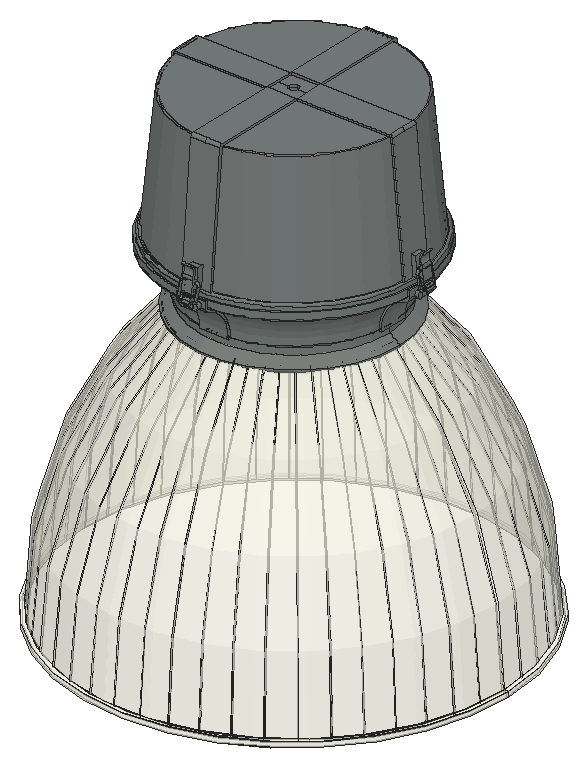
Revit family "QSP22", category Lighting Fixtures, Revit 2024
Family settings
  Round Connector Dimension = Use Diameter
  Part Type = Normal
  OmniClass Number = 23.80.70.00
  OmniClass Title = Lighting
  Work Plane-Based = No
  Always vertical = Yes
  Cut with Voids When Loaded = No
  Light Source = No
  Maintain Annotation Orientation = No
  Shared = No
  Room Calculation Point = No
Parameters
  Default Elevation = 0' - 0"
Reference planes (in)
  plane 1 "Light Source Axis (F/B)": y = 0
  plane 2: z = 0
  plane 3 "Light Source Axis (L/R)": x = 0
  plane 4 "Light Source Elevation": z = 54
Forms (in)
  Sweep 1, solid, material "GLASS SHADE", not visible
    path origin (75.968, 0, 0.00093) x (1, 0, 0) y (0, 0, 1)
      loop
        arc (-4.5864, 68.3252) -> (-8.91952, 61.72019) -> (-10.59309, 54) r 21.63816
    profile origin (67.04848, 0, 61.72112) x (0.922209, 0, -0.386691) y (0, -1, 0)
      loop
        circle (0, 0) r 0.03125
  Revolve 2, solid, material "74"
    sketch origin (0, 0, 0) x (1, 0, 0) y (0, 0, 1)
      loop
        line (5.57958, 78.52899) -> (0.25, 78.52899) -> (0.25, 78.43524) -> (5.53983, 78.43524) -> (6.16483, 71.93524) -> (6.35625, 71.93524) -> (6.35625, 71.63524) -> (6.45625, 71.63524) -> (6.45625, 71.39699)
        arc (6.45625, 71.39699) -> (5.35883, 70.61454) -> (4.96966, 69.32416) r 2.08423
        line (4.96966, 69.32416) -> (4.875, 69.27899) -> (4.875, 68.82223) -> (5.37255, 68.4476)
        arc (5.37255, 68.4476) -> (5.45332, 68.32454) -> (5.425, 68.46899) r 0.075
        line (5.425, 68.46899) -> (5.5, 68.46899) -> (4.96875, 68.86899) -> (4.96875, 69.27899) -> (5.01337, 69.27899)
        arc (5.01337, 69.27899) -> (5.04822, 69.29313) -> (5.06335, 69.32756) r 0.05
        arc (5.06335, 69.32756) -> (5.44542, 70.57428) -> (6.51716, 71.31701) r 1.99048
        arc (6.51716, 71.31701) -> (6.54098, 71.33532) -> (6.55, 71.36397) r 0.05
        line (6.55, 71.36397) -> (6.55, 71.72899) -> (6.45, 71.72899) -> (6.45, 71.92899)
        arc (6.45, 71.92899) -> (6.42071, 71.9997) -> (6.35, 72.02899) r 0.1
        line (6.35, 72.02899) -> (6.25, 72.02899) -> (5.62935, 78.48378)
        arc (5.62935, 78.48378) -> (5.6132, 78.516) -> (5.57958, 78.52899) r 0.05
      axis (0, 78.52899) -> (0, 68.4476)
    angle from 0 to 360
  Extrusion 3, solid, material "74"
    sketch origin (1.40026, 0, 3.31547) x (1, 0, 0) y (0, 0, 1)
      loop
        line (5.15501, 69.80879) -> (4.85768, 69.7802) -> (4.9534, 68.78479) -> (5.25072, 68.81338) -> (5.15501, 69.80879)
    from -0.25 to 0.25
  Extrusion 4, solid, material "74"
    sketch origin (1.32995, 0, 3.31547) x (1, 0, 0) y (0, 0, 1)
      loop
        arc (5.62267, 69.96967) -> (5.62809, 70.0216) -> (5.57635, 70.02861) r 0.0375
        arc (5.57635, 70.02861) -> (5.40371, 69.7501) -> (5.47068, 69.42934) r 0.44129
        arc (5.47068, 69.42934) -> (5.4898, 69.37546) -> (5.4813, 69.31892) r 0.11777
        line (5.4813, 69.31892) -> (5.37827, 69.30901)
        arc (5.37827, 69.30901) -> (5.31069, 69.27309) -> (5.2883, 69.1999) r 0.1
        line (5.2883, 69.1999) -> (5.3379, 68.68408)
        arc (5.3379, 68.68408) -> (5.34868, 68.6638) -> (5.37064, 68.65708) r 0.03
        line (5.37064, 68.65708) -> (5.54296, 68.67365) -> (5.60823, 68.67993)
        arc (5.60823, 68.67993) -> (5.62851, 68.69071) -> (5.63522, 68.71266) r 0.03
        line (5.63522, 68.71266) -> (5.57605, 69.32803)
        arc (5.57605, 69.32803) -> (5.57025, 69.41492) -> (5.53529, 69.49469) r 0.25271
        arc (5.53529, 69.49469) -> (5.483, 69.74984) -> (5.62267, 69.96967) r 0.34754
      loop
        arc (5.51274, 68.71846) -> (5.57833, 68.84752) -> (5.44803, 68.91061) r 0.1014
        arc (5.44803, 68.91061) -> (5.38614, 68.7828) -> (5.51274, 68.71846) r 0.1014
      loop
        arc (5.39995, 69.12839) -> (5.46251, 69.24386) -> (5.37477, 69.14614) r 0.06612
        arc (5.37477, 69.14614) -> (5.38631, 69.13578) -> (5.39995, 69.12839) r 0.06612
    from -0.25 to 0.25
  Sweep 5, solid, material "74"
    path origin (18.30398, 0, 4.0495) x (0, 1, 0) y (-0.241922, 0, 0.970296)
      loop
        line (0.44423, 68.48095) -> (0.44423, 69.1026)
        arc (0.44423, 69.1026) -> (0.4108, 69.1833) -> (0.3301, 69.21672) r 0.11413
        line (0.3301, 69.21672) -> (-0.3301, 69.21672)
        arc (-0.3301, 69.21672) -> (-0.4108, 69.1833) -> (-0.44423, 69.1026) r 0.11412
        line (-0.44423, 69.1026) -> (-0.44423, 68.48095)
        arc (-0.44423, 68.48095) -> (-0.4108, 68.40026) -> (-0.3301, 68.36683) r 0.11412
        line (-0.3301, 68.36683) -> (0.3301, 68.36683)
        arc (0.3301, 68.36683) -> (0.4108, 68.40026) -> (0.44423, 68.48095) r 0.11413
    profile origin (1.66174, 0.44423, 70.79787) x (0, -1, 0) y (0.970296, 0, 0.241922)
      loop
        circle (0, 5.35372) r 0.04688
  Extrusion 6, solid, material "74"
    sketch origin (1.40026, 0, 3.31547) x (1, 0, 0) y (0, 0, 1)
      loop
        line (5.37991, 68.01303) -> (5.47991, 68.01303) -> (5.47991, 68.354)
        arc (5.47991, 68.354) -> (5.53289, 68.42368) -> (5.6142, 68.39125) r 0.07231
        line (5.6142, 68.39125) -> (5.67858, 68.2841)
        arc (5.67858, 68.2841) -> (5.74719, 68.267) -> (5.76429, 68.33561) r 0.05
        line (5.76429, 68.33561) -> (5.69991, 68.44275)
        arc (5.69991, 68.44275) -> (5.65001, 68.49587) -> (5.5826, 68.52361) r 0.17231
        arc (5.5826, 68.52361) -> (5.52617, 68.52433) -> (5.47254, 68.50678) r 0.17231
        arc (5.47254, 68.50678) -> (5.40488, 68.44333) -> (5.37991, 68.354) r 0.17231
        line (5.37991, 68.354) -> (5.37991, 68.01303)
    from -0.24257 to 0.24257
  Extrusion 7, solid, material "74"
    sketch origin (1.40026, 0, 3.31547) x (0, 1, 0) y (0, 0, 1)
      loop
        arc (-0.34078, 68.29475) -> (-0.50207, 68.13346) -> (-0.34078, 67.97217) r 0.16129
        line (-0.34078, 67.97217) -> (0.34078, 67.97217)
        arc (0.34078, 67.97217) -> (0.50207, 68.13346) -> (0.34078, 68.29475) r 0.16129
        line (0.34078, 68.29475) -> (-0.01649, 68.29475) -> (-0.34078, 68.29475)
    from 5.25974 to 5.47991
  Extrusion 8, solid, material "74"
    sketch origin (-1.40026, 0, 3.31547) x (1, 0, 0) y (0, 0, 1)
      loop
        line (-5.20286, 69.31109) -> (-5.25072, 68.81338) -> (-4.9534, 68.78479) -> (-4.90554, 69.2825) -> (-5.20286, 69.31109)
    from -0.75 to 0.75
  Extrusion 9, solid, material "74"
    sketch origin (-1.40026, 0, 3.31547) x (1, 0, 0) y (0, 0, 1)
      loop
        line (-5.20795, 69.25817) -> (-5.30749, 69.26774) -> (-5.35771, 68.74552)
        arc (-5.35771, 68.74552) -> (-5.58577, 68.61183) -> (-5.37079, 68.45799) r 0.15757
        line (-5.37079, 68.45799) -> (-5.37079, 68.01303) -> (-5.27079, 68.01303) -> (-5.27079, 68.60467) -> (-5.20795, 69.25817)
    from -0.75 to 0.75
  Sweep 10, solid, material "74"
    path origin (0, 0, 0) x (1, 0, 0) y (0, 0, 1)
      loop
        line (0.78692, 78.63899) -> (5.57958, 78.63899)
        arc (5.57958, 78.63899) -> (5.68716, 78.59742) -> (5.73884, 78.4943) r 0.16
        line (5.73884, 78.4943) -> (6.35949, 72.03952)
    profile origin (3.18325, 0, 78.63899) x (0, 0, 1) y (0, -1, 0)
      loop
        line (0, 0) -> (0, 0.75) -> (-0.1, 0.75) -> (-0.1, -0.75) -> (0, -0.75) -> (0, 0)
  Sweep 11, solid, material "74"
    path origin (0, 0, 0) x (1, 0, 0) y (0, 0, 1)
      loop
        arc (5.17331, 69.32442) -> (5.532, 70.51193) -> (6.55493, 71.21369) r 1.87004
        arc (6.55493, 71.21369) -> (6.63113, 71.27228) -> (6.66, 71.36397) r 0.16
        line (6.66, 71.36397) -> (6.66, 71.72899)
    profile origin (6.66, 0, 71.54648) x (-1, 0, 0) y (0, -1, 0)
      loop
        line (0, 0.76649) -> (0, -0.73351) -> (0.1, -0.73351) -> (0.1, 0.76649) -> (0, 0.76649)
  Extrusion 12, solid, material "74"
    sketch origin (0, -1.40026, 3.31547) x (0, -1, 0) y (0, 0, 1)
      loop
        line (5.15501, 69.80879) -> (4.85768, 69.7802) -> (4.9534, 68.78479) -> (5.25072, 68.81338) -> (5.15501, 69.80879)
    from -0.25 to 0.25
  Extrusion 13, solid, material "74"
    sketch origin (0, -1.32995, 3.31547) x (0, -1, 0) y (0, 0, 1)
      loop
        arc (5.62267, 69.96967) -> (5.62809, 70.0216) -> (5.57635, 70.02861) r 0.0375
        arc (5.57635, 70.02861) -> (5.40371, 69.7501) -> (5.47068, 69.42934) r 0.44129
        arc (5.47068, 69.42934) -> (5.4898, 69.37546) -> (5.4813, 69.31892) r 0.11777
        line (5.4813, 69.31892) -> (5.37827, 69.30901)
        arc (5.37827, 69.30901) -> (5.31069, 69.27309) -> (5.2883, 69.1999) r 0.1
        line (5.2883, 69.1999) -> (5.3379, 68.68408)
        arc (5.3379, 68.68408) -> (5.34868, 68.6638) -> (5.37064, 68.65708) r 0.03
        line (5.37064, 68.65708) -> (5.54296, 68.67365) -> (5.60823, 68.67993)
        arc (5.60823, 68.67993) -> (5.62851, 68.69071) -> (5.63522, 68.71266) r 0.03
        line (5.63522, 68.71266) -> (5.57605, 69.32803)
        arc (5.57605, 69.32803) -> (5.57025, 69.41492) -> (5.53529, 69.49469) r 0.25271
        arc (5.53529, 69.49469) -> (5.483, 69.74984) -> (5.62267, 69.96967) r 0.34754
      loop
        arc (5.51274, 68.71846) -> (5.57833, 68.84752) -> (5.44803, 68.91061) r 0.1014
        arc (5.44803, 68.91061) -> (5.38614, 68.7828) -> (5.51274, 68.71846) r 0.1014
      loop
        arc (5.39995, 69.12839) -> (5.46251, 69.24386) -> (5.37477, 69.14614) r 0.06612
        arc (5.37477, 69.14614) -> (5.38631, 69.13578) -> (5.39995, 69.12839) r 0.06612
    from -0.25 to 0.25
  Sweep 14, solid, material "74"
    path origin (0, -18.30398, 4.0495) x (1, 0, 0) y (0, 0.241922, 0.970296)
      loop
        line (0.44423, 68.48095) -> (0.44423, 69.1026)
        arc (0.44423, 69.1026) -> (0.4108, 69.1833) -> (0.3301, 69.21672) r 0.11413
        line (0.3301, 69.21672) -> (-0.3301, 69.21672)
        arc (-0.3301, 69.21672) -> (-0.4108, 69.1833) -> (-0.44423, 69.1026) r 0.11412
        line (-0.44423, 69.1026) -> (-0.44423, 68.48095)
        arc (-0.44423, 68.48095) -> (-0.4108, 68.40026) -> (-0.3301, 68.36683) r 0.11412
        line (-0.3301, 68.36683) -> (0.3301, 68.36683)
        arc (0.3301, 68.36683) -> (0.4108, 68.40026) -> (0.44423, 68.48095) r 0.11413
    profile origin (0.44423, -1.66174, 70.79787) x (-1, 0, 0) y (0, -0.970296, 0.241922)
      loop
        circle (0, 5.35372) r 0.04688
  Extrusion 15, solid, material "74"
    sketch origin (0, -1.40026, 3.31547) x (0, -1, 0) y (0, 0, 1)
      loop
        line (5.37991, 68.01303) -> (5.47991, 68.01303) -> (5.47991, 68.354)
        arc (5.47991, 68.354) -> (5.53289, 68.42368) -> (5.6142, 68.39125) r 0.07231
        line (5.6142, 68.39125) -> (5.67858, 68.2841)
        arc (5.67858, 68.2841) -> (5.74719, 68.267) -> (5.76429, 68.33561) r 0.05
        line (5.76429, 68.33561) -> (5.69991, 68.44275)
        arc (5.69991, 68.44275) -> (5.65001, 68.49587) -> (5.5826, 68.52361) r 0.17231
        arc (5.5826, 68.52361) -> (5.52617, 68.52433) -> (5.47254, 68.50678) r 0.17231
        arc (5.47254, 68.50678) -> (5.40488, 68.44333) -> (5.37991, 68.354) r 0.17231
        line (5.37991, 68.354) -> (5.37991, 68.01303)
    from -0.24257 to 0.24257
  Extrusion 16, solid, material "74"
    sketch origin (0, -1.40026, 3.31547) x (1, 0, 0) y (0, 0, 1)
      loop
        arc (-0.34078, 68.29475) -> (-0.50207, 68.13346) -> (-0.34078, 67.97217) r 0.16129
        line (-0.34078, 67.97217) -> (0.34078, 67.97217)
        arc (0.34078, 67.97217) -> (0.50207, 68.13346) -> (0.34078, 68.29475) r 0.16129
        line (0.34078, 68.29475) -> (-0.01649, 68.29475) -> (-0.34078, 68.29475)
    from 5.25974 to 5.47991
  Sweep 17, solid, material "74"
    path origin (0, 0, 0) x (0, -1, 0) y (0, 0, 1)
      loop
        arc (5.17331, 69.32442) -> (5.532, 70.51193) -> (6.55493, 71.21369) r 1.87004
        arc (6.55493, 71.21369) -> (6.63113, 71.27228) -> (6.66, 71.36397) r 0.16
        line (6.66, 71.36397) -> (6.66, 71.72899)
    profile origin (0, -6.66, 71.54648) x (0, 1, 0) y (-1, 0, 0)
      loop
        line (0, 0.76649) -> (0, -0.73351) -> (0.1, -0.73351) -> (0.1, 0.76649) -> (0, 0.76649)
  Extrusion 18, solid, material "74"
    sketch origin (0, 1.40026, 3.31547) x (0, 1, 0) y (0, 0, 1)
      loop
        line (5.15501, 69.80879) -> (4.85768, 69.7802) -> (4.9534, 68.78479) -> (5.25072, 68.81338) -> (5.15501, 69.80879)
    from -0.25 to 0.25
  Extrusion 19, solid, material "74"
    sketch origin (0, 1.32995, 3.31547) x (0, 1, 0) y (0, 0, 1)
      loop
        arc (5.62267, 69.96967) -> (5.62809, 70.0216) -> (5.57635, 70.02861) r 0.0375
        arc (5.57635, 70.02861) -> (5.40371, 69.7501) -> (5.47068, 69.42934) r 0.44129
        arc (5.47068, 69.42934) -> (5.4898, 69.37546) -> (5.4813, 69.31892) r 0.11777
        line (5.4813, 69.31892) -> (5.37827, 69.30901)
        arc (5.37827, 69.30901) -> (5.31069, 69.27309) -> (5.2883, 69.1999) r 0.1
        line (5.2883, 69.1999) -> (5.3379, 68.68408)
        arc (5.3379, 68.68408) -> (5.34868, 68.6638) -> (5.37064, 68.65708) r 0.03
        line (5.37064, 68.65708) -> (5.54296, 68.67365) -> (5.60823, 68.67993)
        arc (5.60823, 68.67993) -> (5.62851, 68.69071) -> (5.63522, 68.71266) r 0.03
        line (5.63522, 68.71266) -> (5.57605, 69.32803)
        arc (5.57605, 69.32803) -> (5.57025, 69.41492) -> (5.53529, 69.49469) r 0.25271
        arc (5.53529, 69.49469) -> (5.483, 69.74984) -> (5.62267, 69.96967) r 0.34754
      loop
        arc (5.51274, 68.71846) -> (5.57833, 68.84752) -> (5.44803, 68.91061) r 0.1014
        arc (5.44803, 68.91061) -> (5.38614, 68.7828) -> (5.51274, 68.71846) r 0.1014
      loop
        arc (5.39995, 69.12839) -> (5.46251, 69.24386) -> (5.37477, 69.14614) r 0.06612
        arc (5.37477, 69.14614) -> (5.38631, 69.13578) -> (5.39995, 69.12839) r 0.06612
    from -0.25 to 0.25
  Sweep 20, solid, material "74"
    path origin (0, 18.30398, 4.0495) x (-1, 0, 0) y (0, -0.241922, 0.970296)
      loop
        line (0.44423, 68.48095) -> (0.44423, 69.1026)
        arc (0.44423, 69.1026) -> (0.4108, 69.1833) -> (0.3301, 69.21672) r 0.11413
        line (0.3301, 69.21672) -> (-0.3301, 69.21672)
        arc (-0.3301, 69.21672) -> (-0.4108, 69.1833) -> (-0.44423, 69.1026) r 0.11412
        line (-0.44423, 69.1026) -> (-0.44423, 68.48095)
        arc (-0.44423, 68.48095) -> (-0.4108, 68.40026) -> (-0.3301, 68.36683) r 0.11412
        line (-0.3301, 68.36683) -> (0.3301, 68.36683)
        arc (0.3301, 68.36683) -> (0.4108, 68.40026) -> (0.44423, 68.48095) r 0.11413
    profile origin (-0.44423, 1.66174, 70.79787) x (1, 0, 0) y (0, 0.970296, 0.241922)
      loop
        circle (0, 5.35372) r 0.04688
  Extrusion 21, solid, material "74"
    sketch origin (0, 1.40026, 3.31547) x (0, 1, 0) y (0, 0, 1)
      loop
        line (5.37991, 68.01303) -> (5.47991, 68.01303) -> (5.47991, 68.354)
        arc (5.47991, 68.354) -> (5.53289, 68.42368) -> (5.6142, 68.39125) r 0.07231
        line (5.6142, 68.39125) -> (5.67858, 68.2841)
        arc (5.67858, 68.2841) -> (5.74719, 68.267) -> (5.76429, 68.33561) r 0.05
        line (5.76429, 68.33561) -> (5.69991, 68.44275)
        arc (5.69991, 68.44275) -> (5.65001, 68.49587) -> (5.5826, 68.52361) r 0.17231
        arc (5.5826, 68.52361) -> (5.52617, 68.52433) -> (5.47254, 68.50678) r 0.17231
        arc (5.47254, 68.50678) -> (5.40488, 68.44333) -> (5.37991, 68.354) r 0.17231
        line (5.37991, 68.354) -> (5.37991, 68.01303)
    from -0.24257 to 0.24257
  Extrusion 22, solid, material "74"
    sketch origin (0, 1.40026, 3.31547) x (-1, 0, 0) y (0, 0, 1)
      loop
        arc (-0.34078, 68.29475) -> (-0.50207, 68.13346) -> (-0.34078, 67.97217) r 0.16129
        line (-0.34078, 67.97217) -> (0.34078, 67.97217)
        arc (0.34078, 67.97217) -> (0.50207, 68.13346) -> (0.34078, 68.29475) r 0.16129
        line (0.34078, 68.29475) -> (-0.01649, 68.29475) -> (-0.34078, 68.29475)
    from 5.25974 to 5.47991
  Sweep 23, solid, material "74"
    path origin (0, 0, 0) x (0, 1, 0) y (0, 0, 1)
      loop
        arc (5.17331, 69.32442) -> (5.532, 70.51193) -> (6.55493, 71.21369) r 1.87004
        arc (6.55493, 71.21369) -> (6.63113, 71.27228) -> (6.66, 71.36397) r 0.16
        line (6.66, 71.36397) -> (6.66, 71.72899)
    profile origin (0, 6.66, 71.54648) x (0, -1, 0) y (1, 0, 0)
      loop
        line (0, 0.76649) -> (0, -0.73351) -> (0.1, -0.73351) -> (0.1, 0.76649) -> (0, 0.76649)
  Sweep 24, solid, material "74"
    path origin (0, 0, 0) x (-1, 0, 0) y (0, 0, 1)
      loop
        arc (5.17331, 69.32442) -> (5.532, 70.51193) -> (6.55493, 71.21369) r 1.87004
        arc (6.55493, 71.21369) -> (6.63113, 71.27228) -> (6.66, 71.36397) r 0.16
        line (6.66, 71.36397) -> (6.66, 71.72899)
    profile origin (-6.66, 0, 71.54648) x (1, 0, 0) y (0, 1, 0)
      loop
        line (0, 0.76649) -> (0, -0.73351) -> (0.1, -0.73351) -> (0.1, 0.76649) -> (0, 0.76649)
  Sweep 25, solid, material "74"
    path origin (0, 0, 0) x (0, -1, 0) y (0, 0, 1)
      loop
        line (0.78692, 78.63899) -> (5.57958, 78.63899)
        arc (5.57958, 78.63899) -> (5.68716, 78.59742) -> (5.73884, 78.4943) r 0.16
        line (5.73884, 78.4943) -> (6.35949, 72.03952)
    profile origin (0, -3.18325, 78.63899) x (0, 0, 1) y (-1, 0, 0)
      loop
        line (0, 0) -> (0, 0.75) -> (-0.1, 0.75) -> (-0.1, -0.75) -> (0, -0.75) -> (0, 0)
  Sweep 26, solid, material "74"
    path origin (0, 0, 0) x (0, 1, 0) y (0, 0, 1)
      loop
        line (0.78692, 78.63899) -> (5.57958, 78.63899)
        arc (5.57958, 78.63899) -> (5.68716, 78.59742) -> (5.73884, 78.4943) r 0.16
        line (5.73884, 78.4943) -> (6.35949, 72.03952)
    profile origin (0, 3.18325, 78.63899) x (0, 0, 1) y (1, 0, 0)
      loop
        line (0, 0) -> (0, 0.75) -> (-0.1, 0.75) -> (-0.1, -0.75) -> (0, -0.75) -> (0, 0)
  Sweep 27, solid, material "74"
    path origin (0, 0, 0) x (-1, 0, 0) y (0, 0, 1)
      loop
        line (0.78692, 78.63899) -> (5.57958, 78.63899)
        arc (5.57958, 78.63899) -> (5.68716, 78.59742) -> (5.73884, 78.4943) r 0.16
        line (5.73884, 78.4943) -> (6.35949, 72.03952)
    profile origin (-3.18325, 0, 78.63899) x (0, 0, 1) y (0, 1, 0)
      loop
        line (0, 0) -> (0, 0.75) -> (-0.1, 0.75) -> (-0.1, -0.75) -> (0, -0.75) -> (0, 0)
  Revolve 28, solid, material "GLASS SHADE"
    sketch origin (0, 0, 0) x (1, 0, 0) y (0, 0, 1)
      loop
        line (11.16025, 54) -> (11.16025, 54.30779) -> (10.9572, 54.30779)
        arc (10.9572, 54.30779) -> (9.55266, 62.01139) -> (5.16417, 68.49672) r 19.02479
        line (5.16417, 68.49672) -> (5.09787, 68.43042)
        arc (5.09787, 68.43042) -> (9.48372, 61.93208) -> (10.86064, 54.21404) r 18.93104
        line (10.86064, 54.21404) -> (11.0665, 54.21404) -> (11.0665, 54) -> (11.16025, 54)
      axis (0, 68.49672) -> (0, 54)
    angle from 0 to 360
  Sweep 29, solid, material "GLASS SHADE"
    path origin (0, 0, 0) x (1, 0, 0) y (0, 0, 1)
      loop
        arc (-5.09787, 68.43042) -> (-9.41308, 61.90344) -> (-10.86064, 54.21404) r 19.78561
    profile origin (-9.41308, 0, 61.90344) x (0.926753, 0, -0.37567) y (0, -1, 0)
      loop
        circle (0, 0) r 0.03125
  Sweep 30, solid, material "GLASS SHADE"
    path origin (0, 0, 0) x (0.992115, -0.125333, 0) y (0, 0, 1)
      loop
        arc (-5.09787, 68.43042) -> (-9.41308, 61.90344) -> (-10.86064, 54.21404) r 19.78561
    profile origin (-9.33885, 1.17977, 61.90344) x (0.919446, -0.116153, -0.37567) y (-0.125333, -0.992115, 0)
      loop
        circle (0, 0) r 0.03125
  Sweep 31, solid, material "GLASS SHADE"
    path origin (0, 0, 0) x (0.992115, 0.125333, 0) y (0, 0, 1)
      loop
        arc (-5.09787, 68.43042) -> (-9.41308, 61.90344) -> (-10.86064, 54.21404) r 19.78561
    profile origin (-9.33885, -1.17977, 61.90344) x (0.919446, 0.116153, -0.37567) y (0.125333, -0.992115, 0)
      loop
        circle (0, 0) r 0.03125
  Sweep 32, solid, material "GLASS SHADE"
    path origin (0, 0, 0) x (0.968583, 0.24869, 0) y (0, 0, 1)
      loop
        arc (-5.09787, 68.43042) -> (-9.41308, 61.90344) -> (-10.86064, 54.21404) r 19.78561
    profile origin (-9.11735, -2.34094, 61.90344) x (0.897638, 0.230474, -0.37567) y (0.24869, -0.968583, 0)
      loop
        circle (0, 0) r 0.03125
  Sweep 33, solid, material "GLASS SHADE"
    path origin (0, 0, 0) x (0.929776, 0.368125, 0) y (0, 0, 1)
      loop
        arc (-5.09787, 68.43042) -> (-9.41308, 61.90344) -> (-10.86064, 54.21404) r 19.78561
    profile origin (-8.75206, -3.46518, 61.90344) x (0.861674, 0.341161, -0.37567) y (0.368125, -0.929776, 0)
      loop
        circle (0, 0) r 0.03125
  Sweep 34, solid, material "GLASS SHADE"
    path origin (0, 0, 0) x (0.876307, 0.481754, 0) y (0, 0, 1)
      loop
        arc (-5.09787, 68.43042) -> (-9.41308, 61.90344) -> (-10.86064, 54.21404) r 19.78561
    profile origin (-8.24874, -4.53478, 61.90344) x (0.81212, 0.446467, -0.37567) y (0.481754, -0.876307, 0)
      loop
        circle (0, 0) r 0.03125
  Sweep 35, solid, material "GLASS SHADE"
    path origin (0, 0, 0) x (0.809017, 0.587785, 0) y (0, 0, 1)
      loop
        arc (-5.09787, 68.43042) -> (-9.41308, 61.90344) -> (-10.86064, 54.21404) r 19.78561
    profile origin (-7.61534, -5.53287, 61.90344) x (0.749759, 0.544732, -0.37567) y (0.587785, -0.809017, 0)
      loop
        circle (0, 0) r 0.03125
  Sweep 36, solid, material "GLASS SHADE"
    path origin (0, 0, 0) x (0.728969, 0.684547, 0) y (0, 0, 1)
      loop
        arc (-5.09787, 68.43042) -> (-9.41308, 61.90344) -> (-10.86064, 54.21404) r 19.78561
    profile origin (-6.86184, -6.4437, 61.90344) x (0.675574, 0.634406, -0.37567) y (0.684547, -0.728969, 0)
      loop
        circle (0, 0) r 0.03125
  Sweep 37, solid, material "GLASS SHADE"
    path origin (0, 0, 0) x (0.637424, 0.770513, 0) y (0, 0, 1)
      loop
        arc (-5.09787, 68.43042) -> (-9.41308, 61.90344) -> (-10.86064, 54.21404) r 19.78561
    profile origin (-6.00012, -7.2529, 61.90344) x (0.590735, 0.714076, -0.37567) y (0.770513, -0.637424, 0)
      loop
        circle (0, 0) r 0.03125
  Sweep 38, solid, material "GLASS SHADE"
    path origin (0, 0, 0) x (0.535827, 0.844328, 0) y (0, 0, 1)
      loop
        arc (-5.09787, 68.43042) -> (-9.41308, 61.90344) -> (-10.86064, 54.21404) r 19.78561
    profile origin (-5.04378, -7.94772, 61.90344) x (0.496579, 0.782484, -0.37567) y (0.844328, -0.535827, 0)
      loop
        circle (0, 0) r 0.03125
  Sweep 39, solid, material "GLASS SHADE"
    path origin (0, 0, 0) x (0.425779, 0.904827, 0) y (0, 0, 1)
      loop
        arc (-5.09787, 68.43042) -> (-9.41308, 61.90344) -> (-10.86064, 54.21404) r 19.78561
    profile origin (-4.00789, -8.51721, 61.90344) x (0.394592, 0.838552, -0.37567) y (0.904827, -0.425779, 0)
      loop
        circle (0, 0) r 0.03125
  Sweep 40, solid, material "GLASS SHADE"
    path origin (0, 0, 0) x (0.309017, 0.951057, 0) y (0, 0, 1)
      loop
        arc (-5.09787, 68.43042) -> (-9.41308, 61.90344) -> (-10.86064, 54.21404) r 19.78561
    profile origin (-2.9088, -8.95237, 61.90344) x (0.286383, 0.881395, -0.37567) y (0.951057, -0.309017, 0)
      loop
        circle (0, 0) r 0.03125
  Sweep 41, solid, material "GLASS SHADE"
    path origin (0, 0, 0) x (0.187381, 0.982287, 0) y (0, 0, 1)
      loop
        arc (-5.09787, 68.43042) -> (-9.41308, 61.90344) -> (-10.86064, 54.21404) r 19.78561
    profile origin (-1.76383, -9.24635, 61.90344) x (0.173656, 0.910338, -0.37567) y (0.982287, -0.187381, 0)
      loop
        circle (0, 0) r 0.03125
  Sweep 42, solid, material "GLASS SHADE"
    path origin (0, 0, 0) x (0.062791, 0.998027, 0) y (0, 0, 1)
      loop
        arc (-5.09787, 68.43042) -> (-9.41308, 61.90344) -> (-10.86064, 54.21404) r 19.78561
    profile origin (-0.59105, -9.3945, 61.90344) x (0.058191, 0.924925, -0.37567) y (0.998027, -0.062791, 0)
      loop
        circle (0, 0) r 0.03125
  Sweep 43, solid, material "GLASS SHADE"
    path origin (0, 0, 0) x (-0.062791, 0.998027, 0) y (0, 0, 1)
      loop
        arc (-5.09787, 68.43042) -> (-9.41308, 61.90344) -> (-10.86064, 54.21404) r 19.78561
    profile origin (0.59105, -9.3945, 61.90344) x (-0.058191, 0.924925, -0.37567) y (0.998027, 0.062791, 0)
      loop
        circle (0, 0) r 0.03125
  Sweep 44, solid, material "GLASS SHADE"
    path origin (0, 0, 0) x (-0.187381, 0.982287, 0) y (0, 0, 1)
      loop
        arc (-5.09787, 68.43042) -> (-9.41308, 61.90344) -> (-10.86064, 54.21404) r 19.78561
    profile origin (1.76383, -9.24635, 61.90344) x (-0.173656, 0.910338, -0.37567) y (0.982287, 0.187381, 0)
      loop
        circle (0, 0) r 0.03125
  Sweep 45, solid, material "GLASS SHADE"
    path origin (0, 0, 0) x (-0.309017, 0.951057, 0) y (0, 0, 1)
      loop
        arc (-5.09787, 68.43042) -> (-9.41308, 61.90344) -> (-10.86064, 54.21404) r 19.78561
    profile origin (2.9088, -8.95237, 61.90344) x (-0.286383, 0.881395, -0.37567) y (0.951057, 0.309017, 0)
      loop
        circle (0, 0) r 0.03125
  Sweep 46, solid, material "GLASS SHADE"
    path origin (0, 0, 0) x (-0.425779, 0.904827, 0) y (0, 0, 1)
      loop
        arc (-5.09787, 68.43042) -> (-9.41308, 61.90344) -> (-10.86064, 54.21404) r 19.78561
    profile origin (4.00789, -8.51721, 61.90344) x (-0.394592, 0.838552, -0.37567) y (0.904827, 0.425779, 0)
      loop
        circle (0, 0) r 0.03125
  Sweep 47, solid, material "GLASS SHADE"
    path origin (0, 0, 0) x (-0.535827, 0.844328, 0) y (0, 0, 1)
      loop
        arc (-5.09787, 68.43042) -> (-9.41308, 61.90344) -> (-10.86064, 54.21404) r 19.78561
    profile origin (5.04378, -7.94772, 61.90344) x (-0.496579, 0.782484, -0.37567) y (0.844328, 0.535827, 0)
      loop
        circle (0, 0) r 0.03125
  Sweep 48, solid, material "GLASS SHADE"
    path origin (0, 0, 0) x (-0.637424, 0.770513, 0) y (0, 0, 1)
      loop
        arc (-5.09787, 68.43042) -> (-9.41308, 61.90344) -> (-10.86064, 54.21404) r 19.78561
    profile origin (6.00012, -7.2529, 61.90344) x (-0.590735, 0.714076, -0.37567) y (0.770513, 0.637424, 0)
      loop
        circle (0, 0) r 0.03125
  Sweep 49, solid, material "GLASS SHADE"
    path origin (0, 0, 0) x (-0.728969, 0.684547, 0) y (0, 0, 1)
      loop
        arc (-5.09787, 68.43042) -> (-9.41308, 61.90344) -> (-10.86064, 54.21404) r 19.78561
    profile origin (6.86184, -6.4437, 61.90344) x (-0.675574, 0.634406, -0.37567) y (0.684547, 0.728969, 0)
      loop
        circle (0, 0) r 0.03125
  Sweep 50, solid, material "GLASS SHADE"
    path origin (0, 0, 0) x (-0.809017, 0.587785, 0) y (0, 0, 1)
      loop
        arc (-5.09787, 68.43042) -> (-9.41308, 61.90344) -> (-10.86064, 54.21404) r 19.78561
    profile origin (7.61534, -5.53287, 61.90344) x (-0.749759, 0.544732, -0.37567) y (0.587785, 0.809017, 0)
      loop
        circle (0, 0) r 0.03125
  Sweep 51, solid, material "GLASS SHADE"
    path origin (0, 0, 0) x (-0.876307, 0.481754, 0) y (0, 0, 1)
      loop
        arc (-5.09787, 68.43042) -> (-9.41308, 61.90344) -> (-10.86064, 54.21404) r 19.78561
    profile origin (8.24874, -4.53478, 61.90344) x (-0.81212, 0.446467, -0.37567) y (0.481754, 0.876307, 0)
      loop
        circle (0, 0) r 0.03125
  Sweep 52, solid, material "GLASS SHADE"
    path origin (0, 0, 0) x (-0.929776, 0.368125, 0) y (0, 0, 1)
      loop
        arc (-5.09787, 68.43042) -> (-9.41308, 61.90344) -> (-10.86064, 54.21404) r 19.78561
    profile origin (8.75206, -3.46518, 61.90344) x (-0.861674, 0.341161, -0.37567) y (0.368125, 0.929776, 0)
      loop
        circle (0, 0) r 0.03125
  Sweep 53, solid, material "GLASS SHADE"
    path origin (0, 0, 0) x (-0.968583, 0.24869, 0) y (0, 0, 1)
      loop
        arc (-5.09787, 68.43042) -> (-9.41308, 61.90344) -> (-10.86064, 54.21404) r 19.78561
    profile origin (9.11735, -2.34094, 61.90344) x (-0.897638, 0.230474, -0.37567) y (0.24869, 0.968583, 0)
      loop
        circle (0, 0) r 0.03125
  Sweep 54, solid, material "GLASS SHADE"
    path origin (0, 0, 0) x (-0.992115, 0.125333, 0) y (0, 0, 1)
      loop
        arc (-5.09787, 68.43042) -> (-9.41308, 61.90344) -> (-10.86064, 54.21404) r 19.78561
    profile origin (9.33885, -1.17977, 61.90344) x (-0.919446, 0.116153, -0.37567) y (0.125333, 0.992115, 0)
      loop
        circle (0, 0) r 0.03125
  Sweep 55, solid, material "GLASS SHADE"
    path origin (0, 0, 0) x (-1, 0, 0) y (0, 0, 1)
      loop
        arc (-5.09787, 68.43042) -> (-9.41308, 61.90344) -> (-10.86064, 54.21404) r 19.78561
    profile origin (9.41308, 0, 61.90344) x (-0.926753, 0, -0.37567) y (0, 1, 0)
      loop
        circle (0, 0) r 0.03125
  Sweep 56, solid, material "GLASS SHADE"
    path origin (0, 0, 0) x (-0.992115, -0.125333, 0) y (0, 0, 1)
      loop
        arc (-5.09787, 68.43042) -> (-9.41308, 61.90344) -> (-10.86064, 54.21404) r 19.78561
    profile origin (9.33885, 1.17977, 61.90344) x (-0.919446, -0.116153, -0.37567) y (-0.125333, 0.992115, 0)
      loop
        circle (0, 0) r 0.03125
  Sweep 57, solid, material "GLASS SHADE"
    path origin (0, 0, 0) x (-0.968583, -0.24869, 0) y (0, 0, 1)
      loop
        arc (-5.09787, 68.43042) -> (-9.41308, 61.90344) -> (-10.86064, 54.21404) r 19.78561
    profile origin (9.11735, 2.34094, 61.90344) x (-0.897638, -0.230474, -0.37567) y (-0.24869, 0.968583, 0)
      loop
        circle (0, 0) r 0.03125
  Sweep 58, solid, material "GLASS SHADE"
    path origin (0, 0, 0) x (-0.929776, -0.368125, 0) y (0, 0, 1)
      loop
        arc (-5.09787, 68.43042) -> (-9.41308, 61.90344) -> (-10.86064, 54.21404) r 19.78561
    profile origin (8.75206, 3.46518, 61.90344) x (-0.861674, -0.341161, -0.37567) y (-0.368125, 0.929776, 0)
      loop
        circle (0, 0) r 0.03125
  Sweep 59, solid, material "GLASS SHADE"
    path origin (0, 0, 0) x (-0.876307, -0.481754, 0) y (0, 0, 1)
      loop
        arc (-5.09787, 68.43042) -> (-9.41308, 61.90344) -> (-10.86064, 54.21404) r 19.78561
    profile origin (8.24874, 4.53478, 61.90344) x (-0.81212, -0.446467, -0.37567) y (-0.481754, 0.876307, 0)
      loop
        circle (0, 0) r 0.03125
  Sweep 60, solid, material "GLASS SHADE"
    path origin (0, 0, 0) x (-0.809017, -0.587785, 0) y (0, 0, 1)
      loop
        arc (-5.09787, 68.43042) -> (-9.41308, 61.90344) -> (-10.86064, 54.21404) r 19.78561
    profile origin (7.61534, 5.53287, 61.90344) x (-0.749759, -0.544732, -0.37567) y (-0.587785, 0.809017, 0)
      loop
        circle (0, 0) r 0.03125
  Sweep 61, solid, material "GLASS SHADE"
    path origin (0, 0, 0) x (-0.728969, -0.684547, 0) y (0, 0, 1)
      loop
        arc (-5.09787, 68.43042) -> (-9.41308, 61.90344) -> (-10.86064, 54.21404) r 19.78561
    profile origin (6.86184, 6.4437, 61.90344) x (-0.675574, -0.634406, -0.37567) y (-0.684547, 0.728969, 0)
      loop
        circle (0, 0) r 0.03125
  Sweep 62, solid, material "GLASS SHADE"
    path origin (0, 0, 0) x (-0.637424, -0.770513, 0) y (0, 0, 1)
      loop
        arc (-5.09787, 68.43042) -> (-9.41308, 61.90344) -> (-10.86064, 54.21404) r 19.78561
    profile origin (6.00012, 7.2529, 61.90344) x (-0.590735, -0.714076, -0.37567) y (-0.770513, 0.637424, 0)
      loop
        circle (0, 0) r 0.03125
  Sweep 63, solid, material "GLASS SHADE"
    path origin (0, 0, 0) x (-0.535827, -0.844328, 0) y (0, 0, 1)
      loop
        arc (-5.09787, 68.43042) -> (-9.41308, 61.90344) -> (-10.86064, 54.21404) r 19.78561
    profile origin (5.04378, 7.94772, 61.90344) x (-0.496579, -0.782484, -0.37567) y (-0.844328, 0.535827, 0)
      loop
        circle (0, 0) r 0.03125
  Sweep 64, solid, material "GLASS SHADE"
    path origin (0, 0, 0) x (-0.425779, -0.904827, 0) y (0, 0, 1)
      loop
        arc (-5.09787, 68.43042) -> (-9.41308, 61.90344) -> (-10.86064, 54.21404) r 19.78561
    profile origin (4.00789, 8.51721, 61.90344) x (-0.394592, -0.838552, -0.37567) y (-0.904827, 0.425779, 0)
      loop
        circle (0, 0) r 0.03125
  Sweep 65, solid, material "GLASS SHADE"
    path origin (0, 0, 0) x (-0.309017, -0.951057, 0) y (0, 0, 1)
      loop
        arc (-5.09787, 68.43042) -> (-9.41308, 61.90344) -> (-10.86064, 54.21404) r 19.78561
    profile origin (2.9088, 8.95237, 61.90344) x (-0.286383, -0.881395, -0.37567) y (-0.951057, 0.309017, 0)
      loop
        circle (0, 0) r 0.03125
  Sweep 66, solid, material "GLASS SHADE"
    path origin (0, 0, 0) x (-0.187381, -0.982287, 0) y (0, 0, 1)
      loop
        arc (-5.09787, 68.43042) -> (-9.41308, 61.90344) -> (-10.86064, 54.21404) r 19.78561
    profile origin (1.76383, 9.24635, 61.90344) x (-0.173656, -0.910338, -0.37567) y (-0.982287, 0.187381, 0)
      loop
        circle (0, 0) r 0.03125
  Sweep 67, solid, material "GLASS SHADE"
    path origin (0, 0, 0) x (-0.062791, -0.998027, 0) y (0, 0, 1)
      loop
        arc (-5.09787, 68.43042) -> (-9.41308, 61.90344) -> (-10.86064, 54.21404) r 19.78561
    profile origin (0.59105, 9.3945, 61.90344) x (-0.058191, -0.924925, -0.37567) y (-0.998027, 0.062791, 0)
      loop
        circle (0, 0) r 0.03125
  Sweep 68, solid, material "GLASS SHADE"
    path origin (0, 0, 0) x (0.062791, -0.998027, 0) y (0, 0, 1)
      loop
        arc (-5.09787, 68.43042) -> (-9.41308, 61.90344) -> (-10.86064, 54.21404) r 19.78561
    profile origin (-0.59105, 9.3945, 61.90344) x (0.058191, -0.924925, -0.37567) y (-0.998027, -0.062791, 0)
      loop
        circle (0, 0) r 0.03125
  Sweep 69, solid, material "GLASS SHADE"
    path origin (0, 0, 0) x (0.187381, -0.982287, 0) y (0, 0, 1)
      loop
        arc (-5.09787, 68.43042) -> (-9.41308, 61.90344) -> (-10.86064, 54.21404) r 19.78561
    profile origin (-1.76383, 9.24635, 61.90344) x (0.173656, -0.910338, -0.37567) y (-0.982287, -0.187381, 0)
      loop
        circle (0, 0) r 0.03125
  Sweep 70, solid, material "GLASS SHADE"
    path origin (0, 0, 0) x (0.309017, -0.951057, 0) y (0, 0, 1)
      loop
        arc (-5.09787, 68.43042) -> (-9.41308, 61.90344) -> (-10.86064, 54.21404) r 19.78561
    profile origin (-2.9088, 8.95237, 61.90344) x (0.286383, -0.881395, -0.37567) y (-0.951057, -0.309017, 0)
      loop
        circle (0, 0) r 0.03125
  Sweep 71, solid, material "GLASS SHADE"
    path origin (0, 0, 0) x (0.425779, -0.904827, 0) y (0, 0, 1)
      loop
        arc (-5.09787, 68.43042) -> (-9.41308, 61.90344) -> (-10.86064, 54.21404) r 19.78561
    profile origin (-4.00789, 8.51721, 61.90344) x (0.394592, -0.838552, -0.37567) y (-0.904827, -0.425779, 0)
      loop
        circle (0, 0) r 0.03125
  Sweep 72, solid, material "GLASS SHADE"
    path origin (0, 0, 0) x (0.535827, -0.844328, 0) y (0, 0, 1)
      loop
        arc (-5.09787, 68.43042) -> (-9.41308, 61.90344) -> (-10.86064, 54.21404) r 19.78561
    profile origin (-5.04378, 7.94772, 61.90344) x (0.496579, -0.782484, -0.37567) y (-0.844328, -0.535827, 0)
      loop
        circle (0, 0) r 0.03125
  Sweep 73, solid, material "GLASS SHADE"
    path origin (0, 0, 0) x (0.637424, -0.770513, 0) y (0, 0, 1)
      loop
        arc (-5.09787, 68.43042) -> (-9.41308, 61.90344) -> (-10.86064, 54.21404) r 19.78561
    profile origin (-6.00012, 7.2529, 61.90344) x (0.590735, -0.714076, -0.37567) y (-0.770513, -0.637424, 0)
      loop
        circle (0, 0) r 0.03125
  Sweep 74, solid, material "GLASS SHADE"
    path origin (0, 0, 0) x (0.728969, -0.684547, 0) y (0, 0, 1)
      loop
        arc (-5.09787, 68.43042) -> (-9.41308, 61.90344) -> (-10.86064, 54.21404) r 19.78561
    profile origin (-6.86184, 6.4437, 61.90344) x (0.675574, -0.634406, -0.37567) y (-0.684547, -0.728969, 0)
      loop
        circle (0, 0) r 0.03125
  Sweep 75, solid, material "GLASS SHADE"
    path origin (0, 0, 0) x (0.809017, -0.587785, 0) y (0, 0, 1)
      loop
        arc (-5.09787, 68.43042) -> (-9.41308, 61.90344) -> (-10.86064, 54.21404) r 19.78561
    profile origin (-7.61534, 5.53287, 61.90344) x (0.749759, -0.544732, -0.37567) y (-0.587785, -0.809017, 0)
      loop
        circle (0, 0) r 0.03125
  Sweep 76, solid, material "GLASS SHADE"
    path origin (0, 0, 0) x (0.876307, -0.481754, 0) y (0, 0, 1)
      loop
        arc (-5.09787, 68.43042) -> (-9.41308, 61.90344) -> (-10.86064, 54.21404) r 19.78561
    profile origin (-8.24874, 4.53478, 61.90344) x (0.81212, -0.446467, -0.37567) y (-0.481754, -0.876307, 0)
      loop
        circle (0, 0) r 0.03125
  Sweep 77, solid, material "GLASS SHADE"
    path origin (0, 0, 0) x (0.929776, -0.368125, 0) y (0, 0, 1)
      loop
        arc (-5.09787, 68.43042) -> (-9.41308, 61.90344) -> (-10.86064, 54.21404) r 19.78561
    profile origin (-8.75206, 3.46518, 61.90344) x (0.861674, -0.341161, -0.37567) y (-0.368125, -0.929776, 0)
      loop
        circle (0, 0) r 0.03125
  Sweep 78, solid, material "GLASS SHADE"
    path origin (0, 0, 0) x (0.968583, -0.24869, 0) y (0, 0, 1)
      loop
        arc (-5.09787, 68.43042) -> (-9.41308, 61.90344) -> (-10.86064, 54.21404) r 19.78561
    profile origin (-9.11735, 2.34094, 61.90344) x (0.897638, -0.230474, -0.37567) y (-0.24869, -0.968583, 0)
      loop
        circle (0, 0) r 0.03125
Dimensions and locks (in)
  aligned and locked: level to plane 2
